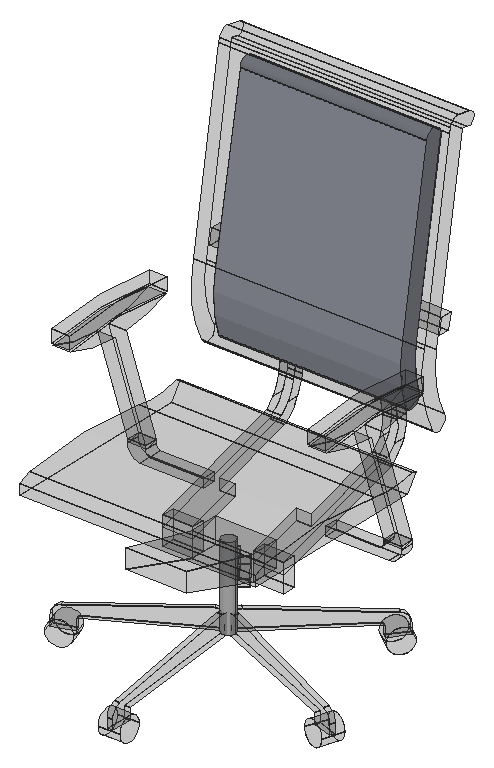
Revit family (continued)
Automatic sketch dimensions
  Extrusion 53 sketch curve to Extrusion 53 sketch curve = 1.783 mm
  Extrusion 53 sketch curve to Extrusion 53 sketch curve = 21.375 mm
  Extrusion 53 sketch curve to Extrusion 53 sketch curve = 3.104 mm
  Extrusion 53 sketch curve to Extrusion 53 sketch curve = 14.363 mm
  Extrusion 53 sketch curve to Extrusion 53 sketch curve = 16.061 mm
  Extrusion 53 sketch curve to Extrusion 53 sketch curve = 2.87 mm  (x2)
  Extrusion 53 sketch curve to Extrusion 53 sketch curve = 189.823 mm
  Extrusion 53 sketch curve to Extrusion 29 = 1026.854 mm
  Extrusion 29 to Extrusion 53 sketch curve = 827.495 mm
  Extrusion 53 sketch curve to Extrusion 53 sketch curve = 6.298 mm
  Extrusion 53 sketch curve to Extrusion 53 sketch curve = 16.645 mm
  Extrusion 53 sketch curve to Extrusion 53 sketch curve = 15.068 mm
  Extrusion 53 sketch curve to Extrusion 53 sketch curve = 10.112 mm
  Extrusion 54 sketch curve to Extrusion 54 sketch curve = 108.656 mm
  Extrusion 54 sketch curve to Extrusion 54 sketch curve = 19.639 mm
  Extrusion 54 sketch curve to Extrusion 54 sketch curve = 19.496 mm
  Extrusion 54 sketch curve to Extrusion 54 sketch curve = 7.718 mm
  Extrusion 54 sketch curve to Extrusion 54 sketch curve = 19.512 mm
  Extrusion 54 sketch curve to Extrusion 54 sketch curve = 17.684 mm
  Extrusion 55 sketch curve to Extrusion 55 sketch curve = 29.478 mm
  Extrusion 55 sketch curve to Extrusion 55 sketch curve = 17.684 mm
  Extrusion 55 sketch curve to Extrusion 55 sketch curve = 19.512 mm
  Extrusion 55 sketch curve to Extrusion 55 sketch curve = 69.521 mm
  Extrusion 55 sketch curve to Extrusion 55 sketch curve = 0.00 mm
  Extrusion 55 sketch curve to Extrusion 55 sketch curve = 19.496 mm
  Extrusion 56 sketch curve to Extrusion 53 = 43.247 mm
  Extrusion 53 to Extrusion 56 sketch curve = 406.976 mm
  Extrusion 56 sketch curve to Extrusion 56 sketch curve = 6.104 mm
  Extrusion 56 sketch curve to Extrusion 56 sketch curve = 25.56 mm
  Extrusion 56 sketch curve to Extrusion 56 sketch curve = 27.968 mm
  Extrusion 56 sketch curve to Extrusion 56 sketch curve = 34.62 mm
  Extrusion 29 sketch curve to Extrusion 29 sketch curve = 189.208 mm
  Extrusion 29 sketch curve to Extrusion 29 sketch curve = 2.133 mm
  Extrusion 29 sketch curve to Extrusion 29 sketch curve = 69.56 mm
  Extrusion 29 sketch curve to Extrusion 29 sketch curve = 2.379 mm
  Extrusion 30 sketch curve to Extrusion 30 sketch curve = 28.20 mm
  Extrusion 31 sketch curve to Extrusion 31 sketch curve = 1.097 mm
  Extrusion 31 sketch curve to Extrusion 31 sketch curve = 30.701 mm
  Extrusion 37 sketch curve to Extrusion 37 sketch curve = 52.283 mm
  Extrusion 37 sketch curve to Extrusion 37 sketch curve = 1.097 mm
  Extrusion 38 sketch curve to Extrusion 38 sketch curve = 1.097 mm
  Extrusion 38 sketch curve to Extrusion 38 sketch curve = 30.701 mm
  Extrusion 39 sketch curve to Extrusion 39 sketch curve = 52.283 mm
  Extrusion 39 sketch curve to Extrusion 39 sketch curve = 1.097 mm
  Extrusion 40 sketch curve to Extrusion 40 sketch curve = 266.70 mm
  Extrusion 40 sketch curve to Extrusion 40 sketch curve = 4.411 mm
  Extrusion 40 sketch curve to Extrusion 40 sketch curve = 30.701 mm
  Extrusion 41 sketch curve to Extrusion 41 sketch curve = 193.281 mm
  Extrusion 41 sketch curve to Extrusion 41 sketch curve = 0.00 mm
  Extrusion 41 sketch curve to Extrusion 41 sketch curve = 200.516 mm
  Extrusion 41 sketch curve to Extrusion 41 sketch curve = 246.719 mm
  Extrusion 41 sketch curve to Extrusion 41 sketch curve = 36.555 mm
  Extrusion 41 sketch curve to Extrusion 41 sketch curve = 25.459 mm
  Extrusion 42 sketch curve to Extrusion 42 sketch curve = 157.597 mm
  Extrusion 42 sketch curve to Extrusion 42 sketch curve = 51.415 mm
  Extrusion 42 sketch curve to Extrusion 42 sketch curve = 1.212 mm
  Extrusion 42 sketch curve to Extrusion 42 sketch curve = 217.458 mm
  Extrusion 42 sketch curve to Extrusion 42 sketch curve = 97.736 mm
  Extrusion 42 sketch curve to Extrusion 42 sketch curve = 46.592 mm
  Extrusion 42 sketch curve to Extrusion 42 sketch curve = 110.161 mm
  Extrusion 42 sketch curve to Extrusion 42 sketch curve = 222.197 mm
  Extrusion 45 sketch curve to Extrusion 45 sketch curve = 257.368 mm
  Extrusion 45 sketch curve to Extrusion 45 sketch curve = 31.354 mm
  Extrusion 45 sketch curve to Extrusion 45 sketch curve = 242.216 mm
  Extrusion 45 sketch curve to Extrusion 45 sketch curve = 148.724 mm
  Extrusion 48 sketch curve to Extrusion 48 sketch curve = 31.712 mm
  Extrusion 49 sketch curve to Extrusion 49 sketch curve = 30.943 mm
  Extrusion 49 sketch curve to Extrusion 49 sketch curve = 117.903 mm
  Extrusion 49 sketch curve to Extrusion 49 sketch curve = 141.123 mm
  Extrusion 49 sketch curve to Extrusion 49 sketch curve = 80.393 mm
  Extrusion 49 sketch curve to Extrusion 49 sketch curve = 31.42 mm
  Extrusion 49 sketch curve to Extrusion 49 sketch curve = 131.071 mm
  Extrusion 49 sketch curve to Extrusion 49 sketch curve = 331.662 mm
  Extrusion 49 sketch curve to Extrusion 49 sketch curve = 263.292 mm
  Extrusion 49 sketch curve to Extrusion 49 sketch curve = 446.677 mm
  Extrusion 50 sketch curve to Extrusion 50 sketch curve = 30.943 mm
  Extrusion 50 sketch curve to Extrusion 50 sketch curve = 117.903 mm
  Extrusion 50 sketch curve to Extrusion 50 sketch curve = 141.123 mm
  Extrusion 50 sketch curve to Extrusion 50 sketch curve = 80.393 mm
  Extrusion 50 sketch curve to Extrusion 50 sketch curve = 31.42 mm
  Extrusion 50 sketch curve to Extrusion 50 sketch curve = 131.071 mm
  Extrusion 50 sketch curve to Extrusion 50 sketch curve = 446.677 mm
  Extrusion 50 sketch curve to Extrusion 50 sketch curve = 271.041 mm
  Extrusion 2 sketch curve to Extrusion 2 sketch curve = 0.00 mm  (x2)
  Extrusion 4 sketch curve to Extrusion 4 sketch curve = 0.00 mm  (x2)
  Extrusion 5 sketch curve to Extrusion 5 sketch curve = 0.00 mm  (x2)
  Extrusion 6 sketch curve to Extrusion 6 sketch curve = 0.00 mm  (x2)
  Extrusion 7 sketch curve to Extrusion 7 sketch curve = 0.00 mm  (x2)
  Extrusion 8 sketch curve to Extrusion 8 sketch curve = 0.00 mm  (x2)
  Extrusion 30 sketch curve to Extrusion 30 sketch curve = 0.00 mm  (x2)
  Extrusion 32 sketch curve to Extrusion 32 sketch curve = 0.00 mm  (x2)
  Extrusion 33 sketch curve to Extrusion 33 sketch curve = 0.00 mm  (x2)
  Extrusion 34 sketch curve to Extrusion 34 sketch curve = 0.00 mm  (x2)
  Extrusion 35 sketch curve to Extrusion 35 sketch curve = 0.00 mm  (x2)
  Extrusion 36 sketch curve to Extrusion 36 sketch curve = 0.00 mm  (x2)
  Masking region 1 sketch curve to plane 1 "중심(앞/뒤)" = 110.55 mm  (x2)
  Masking region 1 sketch curve to Masking region 1 sketch curve = 48.314 mm  (x2)
  Masking region 1 sketch curve to Masking region 1 sketch curve = 30.59 mm  (x2)
  curve 2 to curve 15 = 32.327 mm
  curve 22 to curve 23 = 30.59 mm
  curve 31 to curve 10 = 14.718 mm
  curve 11 to curve 20 = 4.851 mm
  curve 12 to curve 29 = 4.851 mm
  curve 29 to curve 29 = 15.583 mm
  curve 43 to curve 22 = 2.187 mm
  Masking region 1 sketch curve to Masking region 1 sketch curve = 95.25 mm  (x2)
  Masking region 1 sketch curve to Masking region 1 sketch curve = 32.324 mm
  curve 42 to curve 42 = 32.324 mm
  Masking region 1 sketch curve to Masking region 1 sketch curve = 31.899 mm
  Masking region 1 sketch curve to Masking region 1 sketch curve = 19.13 mm
  curve 20 to curve 21 = 15.583 mm
  curve 38 to curve 38 = 31.899 mm
  Masking region 1 sketch curve to Masking region 1 sketch curve = 50.678 mm
  curve 14 to curve 6 = 18.358 mm
  curve 17 to curve 9 = 95.25 mm
  curve 5 to curve 39 = 19.122 mm
  Masking region 1 sketch curve to Masking region 1 sketch curve = 15.698 mm
  Masking region 1 sketch curve to Masking region 1 sketch curve = 19.122 mm
  Masking region 1 sketch curve to Masking region 1 sketch curve = 19.05 mm
  Masking region 1 sketch curve to Masking region 1 sketch curve = 12.70 mm
  Masking region 1 sketch curve to Masking region 1 sketch curve = 50.80 mm
  Masking region 1 sketch curve to Masking region 1 sketch curve = 190.50 mm
  Masking region 1 sketch curve to Masking region 1 sketch curve = 66.798 mm
  Masking region 1 sketch curve to Masking region 1 sketch curve = 50.674 mm
  Masking region 1 sketch curve to Masking region 1 sketch curve = 18.71 mm
  plane 4 to curve 12 = 79.95 mm
  curve 42 to curve 4 = 18.71 mm
  curve 13 to curve 16 = 95.25 mm
  curve 18 to curve 35 = 19.05 mm
  curve 32 to curve 33 = 12.70 mm
  curve 15 to curve 15 = 177.80 mm
  radius of Extrusion 26 sketch curve to Extrusion 25 = 0.00 mm  (x4)
  radius of Extrusion 27 sketch curve to Extrusion 25 = 0.00 mm  (x4)
  radius of Extrusion 54 sketch curve to Extrusion 53 = 0.00 mm  (x4)
  radius of Extrusion 55 sketch curve to Extrusion 53 = 0.00 mm  (x4)
